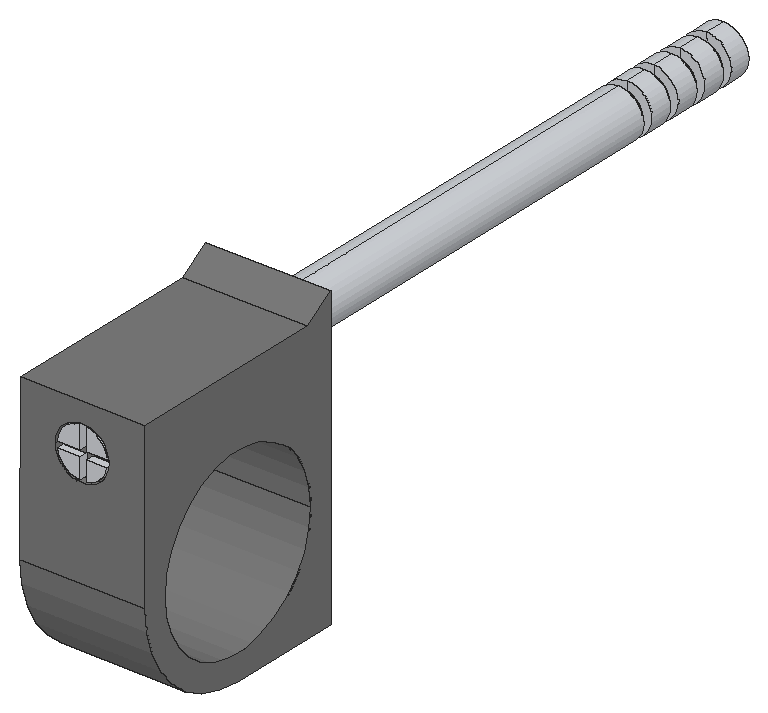
Revit family "PA_SEQ_BuddyBat_22mm", category Pipe Accessories, Revit 2016
Family settings
  Part Type = Normal
  Round Connector Dimension = Use Diameter
  Work Plane-Based = No
  Always vertical = Yes
  Cut with Voids When Loaded = No
  Shared = No
Parameters (values of type "BuddyBats 22mm")
  URL for TCP = "http://www.tcpbim.co.za"
  URL = "https://seaqual.co.za/search?type=product&q=22mm+BuddyBats"
  Model = "22mm BuddyBats"
  Manufacturer = "Seaqual"
  Made by = "Tolani Civil Projects cc"
  Keynote = "BuddyBats 22mm"
  Black Plastic = Black Plastic
  BuddyBat Height = 800 mm
  ASAQS Code = "1.110.95"
Reference planes
  plane 1 "Center (Front/Back)": y = 0
  plane 2: z = 0
  plane 3 "Center (Left/Right)": x = 0
  plane 4: z = 800
  plane 5: x = -7.5
  plane 6: x = 7.5
  plane 7: z = 815.375
  plane 8: y = 70
  plane 9: z = 818.375
  plane 10: z = 812.375
  plane 11: y = 66
  plane 12: y = 62
  plane 13: y = 58
  plane 14: y = 54
  plane 15: y = -19.375
  plane 16: y = -27
  plane 17: y = -14
  plane 18: y = -27
Forms (mm)
  Extrusion 1, solid, material "Black Plastic" <- "Black Plastic"
    sketch origin (0, 0, 0) x (0, 1, 0) y (0, 0, 1)
      loop
        circle (-14, 800) r 11
      loop
        line (0, 786) -> (0, 821.995) -> (-3.464, 819.75) -> (-28, 819.75) -> (-28, 800)
        arc (-28, 800) -> (-23.899, 790.101) -> (-14, 786) r 14
        line (-14, 786) -> (0, 786)
    from -7.5 to 7.5
  Revolve 2, solid
    sketch origin (0, 0, 0) x (0, 1, 0) y (0, 0, 1)
      loop
        line (0, 818.375) -> (0, 815.375) -> (70, 815.375) -> (68.537, 818.375) -> (66, 818.375) -> (66, 817.117) -> (64.742, 818.375) -> (62, 818.375) -> (62, 817.117) -> (60.742, 818.375) -> (58, 818.375) -> (58, 817.117) -> (56.742, 818.375) -> (54, 818.375) -> (54, 817.117) -> (52.742, 818.375) -> (0, 818.375)
      axis (0, 815.375) -> (70, 815.375)
    angle from 0 to 360
  Extrusion 3, void
    sketch origin (0, 0, 0) x (1, 0, 0) y (0, 0, 1)
      loop
        circle (0, 814.158) r 3.256
    from 27 to 28
  Extrusion 4, solid
    sketch origin (0, 0, 0) x (1, 0, 0) y (0, 0, 1)
      loop
        arc (-0.294, 817.189) -> (-2.144, 816.321) -> (-3.022, 814.476) r 3.03
        line (-3.022, 814.476) -> (-0.294, 814.476) -> (-0.294, 817.189)
      loop
        arc (0.5, 811.212) -> (2.122, 812.046) -> (2.966, 813.664) r 3.012
        line (2.966, 813.664) -> (0.5, 813.664) -> (0.5, 811.212)
      loop
        line (0.5, 817.16) -> (0.5, 814.476) -> (2.996, 814.476)
        arc (2.996, 814.476) -> (2.202, 816.24) -> (0.5, 817.16) r 3.018
      loop
        arc (-2.998, 813.664) -> (-2.07, 811.971) -> (-0.294, 811.215) r 2.948
        line (-0.294, 811.215) -> (-0.294, 813.664) -> (-2.998, 813.664)
    from 27 to 28
Cuts and joins
  Extrusion 3 cuts Extrusion 1
Dimensions and locks
  "BuddyBat Height": plane 4 to plane 2
  locked: plane 5 to plane 3 "Center (Left/Right)" at 7.5
  locked: plane 6 to plane 3 "Center (Left/Right)" at 7.5
  locked: plane 8 to Extrusion 1 at 70
  plane 10 to plane 7 to plane 9 = 3 mm locked, 3 mm locked
  Revolve 2 sketch curve to Revolve 2 sketch curve to Revolve 2 sketch curve to Revolve 2 sketch curve to plane 9 = 0 mm locked, 0 mm locked, 0 mm locked, 1.258 mm locked
  plane 7 to plane 4 = 15.375 mm
  equal spacing: cut or joined group of Extrusion 1, Extrusion 3, plane 7, cut or joined group of Extrusion 1, Extrusion 3
  locked: plane 17 to Extrusion 1 sketch curve at 14
  locked: plane 4 to Extrusion 1 sketch curve at 14
  Extrusion 1 sketch curve to plane 4 = 21.995 mm
  locked: plane 18 to cut or joined group of Extrusion 1, Extrusion 3 at 1
  locked: plane 16 to cut or joined group of Extrusion 1, Extrusion 3 at 1
  aligned and locked: level to plane 2
  aligned and locked: plane 5 to Extrusion 1
  aligned and locked: Extrusion 1 to plane 6
  aligned and locked: plane 9 to Revolve 2 sketch curve
  aligned and locked: plane 1 "Center (Front/Back)" to Revolve 2 sketch curve
  aligned and locked: plane 7 to Revolve 2 sketch curve
  aligned and locked: Revolve 2 sketch curve to plane 9  (x3)
  aligned and locked: Revolve 2 sketch curve to plane 8
  aligned and locked: plane 11 to Revolve 2 sketch curve
  aligned and locked: plane 12 to Revolve 2 sketch curve
  aligned and locked: plane 13 to Revolve 2 sketch curve
  aligned and locked: plane 14 to Revolve 2 sketch curve
  aligned and locked: Revolve 2 sketch curve to plane 7
  aligned and locked: plane 17 to Extrusion 1 sketch curve  (x2)
  aligned and locked: Extrusion 1 sketch curve to plane 4
  aligned and locked: Extrusion 1 to Extrusion 3
  aligned and locked: cut or joined group of Extrusion 1, Extrusion 3 to Extrusion 4
  aligned and locked: cut or joined group of Extrusion 1, Extrusion 3 to plane 18
  aligned and locked: Extrusion 4 to plane 18
Automatic sketch dimensions
  plane 8 to Revolve 2 sketch curve = 1.463 mm
  Revolve 2 sketch curve to Revolve 2 sketch curve = 1.258 mm  (x4)
  plane 9 to Revolve 2 sketch curve = 0 mm
  plane 1 "Center (Front/Back)" to Revolve 2 sketch curve = 26.139 mm
  Revolve 2 sketch curve to Revolve 2 sketch curve = 27.51 mm
  Extrusion 3 sketch curve to plane 3 "Center (Left/Right)" = 0 mm
  plane 7 to Extrusion 3 sketch curve = 1.217 mm
  Extrusion 4 sketch curve to Extrusion 4 sketch curve = 0.084 mm  (x2)
  Extrusion 4 sketch curve to Extrusion 4 sketch curve = 0.016 mm
  plane 7 to Extrusion 4 sketch curve = 1.219 mm
  Extrusion 4 sketch curve to plane 3 "Center (Left/Right)" = 0.002 mm
  plane 3 "Center (Left/Right)" to Extrusion 4 sketch curve = 2.996 mm
  Extrusion 4 sketch curve to Extrusion 4 sketch curve = 0.003 mm
  Extrusion 4 sketch curve to plane 3 "Center (Left/Right)" = 0.294 mm  (x2)
  plane 3 "Center (Left/Right)" to Extrusion 4 sketch curve = 0.5 mm  (x2)
  plane 7 to Extrusion 4 sketch curve = 0.899 mm  (x2)
  plane 7 to Extrusion 4 sketch curve = 1.711 mm
  Extrusion 4 sketch curve to Extrusion 4 sketch curve = 0.006 mm
  Extrusion 4 sketch curve to Extrusion 4 sketch curve = 0.508 mm
  Extrusion 4 sketch curve to Extrusion 4 sketch curve = 0.009 mm
  Extrusion 4 sketch curve to Extrusion 4 sketch curve = 2.705 mm
  Extrusion 4 sketch curve to Extrusion 4 sketch curve = 0.024 mm
  Extrusion 4 sketch curve to Extrusion 4 sketch curve = 0.03 mm
  Extrusion 1 sketch curve to Extrusion 1 sketch curve = 0 mm
  Extrusion 1 sketch curve to plane 1 "Center (Front/Back)" = 0 mm
  plane 1 "Center (Front/Back)" to Extrusion 1 sketch curve = 3.464 mm
  Extrusion 1 sketch curve to Extrusion 1 sketch curve = 2.245 mm
  radius of Extrusion 3 sketch curve = 3.256 mm
  radius of Extrusion 1 sketch curve = 11 mm
